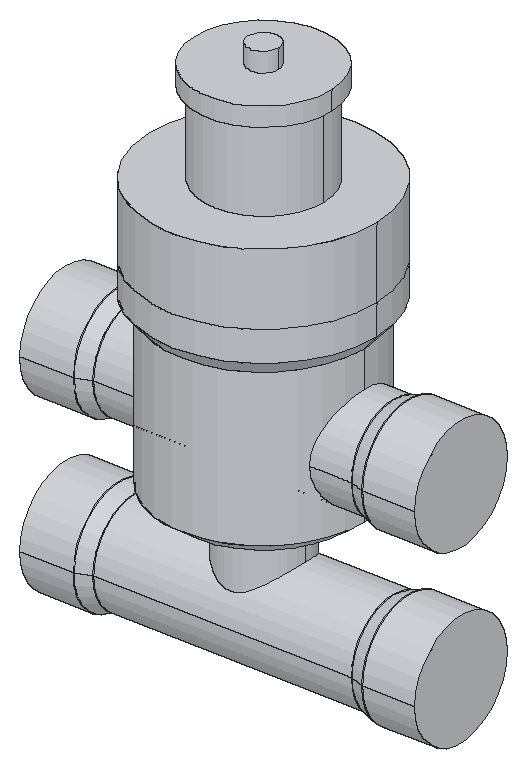
Revit family "VTX10P_DN15_PN16_RFA_2019", category Pipe Accessories, Revit 2019
Family settings
  Round Connector Dimension = Use Diameter
  Part Type = Valve - Breaks Into
  Work Plane-Based = No
  Always vertical = Yes
  Cut with Voids When Loaded = No
  Shared = No
Parameters (values of type "VTX10P G1/2  PN16 kvs0,4")
  magiProductId = ""
  magiProductFamilyId = ""
  magiPartTypeId = 306
  isMeasuringValve [instance] = no
  ang2D [instance] = 0.00°
  Z8 = 4 mm
  Z7__ve = -Z7  # -2.5 mm
  Z7 = 2.5 mm
  Z5 = 9.45 mm
  Z3 = 2 mm
  Z2 = 8.05 mm
  X4__ve = -X4  # -7 mm
  X4 = 7 mm
  X3 = 34 mm
  W2D = 15 mm
  VersionID = ""
  Use Minimum Symbol Size [instance] = yes
  URL = "www.hydronix.cz"
  Type Comments = "Závitový, vnější závit, ploché těsnění; LIN charakteristika; PN16; +5~+95°C; max.rychlost proudění 3,0 m/s"
  R9 = 9 mm
  R8 = 2 mm
  R7 = 15 mm
  R6 = 10.64 mm
  R5 = 6.703 mm
  R4 = 5.586 mm
  R2 = 13.3 mm
  R10 = 8 mm
  R1 = 6.75 mm
  QmdConnectorList = "301;D;302;D"
  Productdata [instance] = ""
  Manufacturer = "Hydronix"
  MC2 = yes
  MC Product Code = "VTX10P (G1/2\"; dpmax=250kPa; kvs 0,4)"
  MC = no
  LT2 = 19 mm
  L2D_Min = 3048 mm
  L2D = 38 mm
  H1 = 20.5 mm
  H = 27 mm
  E = 16 mm
  Description = "3 cestný regulační ventil malých spotřebičů s obtokem, DN15; zdvih 2,5mm; max dp 250kPa; kvs0,4"
  DT2 = 7.5 mm
  D = 15 mm
  CAT0 = yes
  C = 23 mm
Types (8, lengths in mm): name | Z5 | Z2 | X3 | R6 | R5 | R4 | R2 | R1 | MC Product Code | LT2 | H1 | H | Description | DT2 | D | C
  VTX09P G1/2  PN16 kvs0,25 | 9.45 | 8.05 | 34 | 10.64 | 6.703 | 5.586 | 13.3 | 6.75 | "VTX09P (G1/2\"; dpmax=250kPa; kvs 0,25)" | 19 | 20.5 | 27 | "3 cestný regulační ventil malých spotřebičů s obtokem, DN15; zdvih 2,5mm; max dp 250kPa; kvs0,25" | 7.5 | 15 | 23
  VTX10P G1/2  PN16 kvs0,4 | 9.45 | 8.05 | 34 | 10.64 | 6.703 | 5.586 | 13.3 | 6.75 | "VTX10P (G1/2\"; dpmax=250kPa; kvs 0,4)" | 19 | 20.5 | 27 | "3 cestný regulační ventil malých spotřebičů s obtokem, DN15; zdvih 2,5mm; max dp 250kPa; kvs0,4" | 7.5 | 15 | 23
  VTX12P G1/2  PN16 kvs1,0 | 9.45 | 8.05 | 34 | 10.64 | 6.703 | 5.586 | 13.3 | 6.75 | "VTX12P (G1/2\"; dpmax=250kPa; kvs 1,0)" | 19 | 20.5 | 27 | "3 cestný regulační ventil malých spotřebičů s obtokem, DN15; zdvih 2,5mm; max dp 250kPa; kvs1,0" | 7.5 | 15 | 23
  VTX13P G1/2  PN16 kvs1,6 | 9.45 | 8.05 | 34 | 10.64 | 6.703 | 5.586 | 13.3 | 6.75 | "VTX13P (G1/2\"; dpmax=250kPa; kvs 1,6)" | 19 | 20.5 | 27 | "3 cestný regulační ventil malých spotřebičů s obtokem, DN15; zdvih 2,5mm; max dp 250kPa; kvs1,6" | 7.5 | 15 | 23
  VTX21P G3/4  PN16 kvs2,5 | 9.1 | 17.5 | 38 | 11.76 | 7.409 | 6.174 | 14.7 | 9 | "VTX21P (G3/4\"; dpmax=150kPa; kvs 2,5)" | 21 | 37.4 | 26 | "3 cestný regulační ventil malých spotřebičů s obtokem, DN20; zdvih 2,5mm; max dp 150kPa; kvs2,5" | 10 | 20 | 50
  VTX24P G3/4  PN16 kvs4,0 | 9.1 | 17.5 | 38 | 11.76 | 7.409 | 6.174 | 14.7 | 9 | "VTX24P (G3/4\"; dpmax A-AB=100kPa;  dpmax B-AB=40kPa;  kvs 4,0)" | 21 | 37.4 | 26 | "3 cestný regulační ventil malých spotřebičů s obtokem, DN20; zdvih 2,5mm; max dp A-AB 100kPa; max dp B-AB 40kPa; kvs4,0" | 10 | 20 | 50
  VTX26P G3/4  PN16 kvs6,0 | 9.1 | 17.5 | 38 | 11.76 | 7.409 | 6.174 | 14.7 | 9 | "VTX26P (G3/4\"; dpmax A-AB=100kPa;  dpmax B-AB=40kPa; kvs 6,0)" | 21 | 37.4 | 26 | "3 cestný regulační ventil malých spotřebičů s obtokem, DN20; zdvih 2,5mm; max dp A-AB 100kPa; max dp B-AB 40kPa; kvs6,0" | 10 | 20 | 50
  VTX11P G1/2  PN16 kvs0,6 | 9.45 | 8.05 | 34 | 10.64 | 6.703 | 5.586 | 13.3 | 6.75 | "VTX11P (G1/2\"; dpmax=250kPa; kvs 0,6)" | 19 | 20.5 | 27 | "3 cestný regulační ventil malých spotřebičů s obtokem, DN15; zdvih 2,5mm; max dp 250kPa; kvs0,6" | 7.5 | 15 | 23
Reference planes
  plane 1 "Center (Front/Back)": y = 0
  plane 2 "XYPLANE": z = 0
  plane 3 "Center (Left/Right)": x = 0
  plane 4 "271": z = 38
  plane 5 "254": z = 11.55
  plane 6 "253": z = 17.55
  plane 7 "148": z = 40.5
  plane 8 "132": z = 43
  plane 9 "62": z = 13.55
  plane 10 "53": z = 27
  plane 11 "52": z = -8.95
  plane 12 "48": z = -10.95
  plane 13 "47": z = -12.95
  plane 14 "38": z = -21
  plane 15 "37": x = 17
  plane 16 "36": x = 19
  plane 17 "23": z = -23
  plane 18 "19": x = -17
  plane 19 "15": x = -19
  plane 20 "6": x = 26
  plane 21 "5": x = -26
  plane 22 "3": z = 0
  plane 23 "2": y = 0
  plane 24 "1": x = 0
Forms (mm)
  Extrusion 1, solid
    sketch origin (-17, -750, 0) x (0, 1, 0) y (0, 0, 1)
      loop
        circle (750, -23) r 6.75
    from 0 to 34 <- "X3"
  Blend 2, solid
    base sketch origin (19, -750, 0) x (0, 1, 0) y (0, 0, 1)
      loop
        circle (750, -23) r 7.5
    top sketch origin (19, -750, 0) x (0, 1, 0) y (0, 0, 1)
      loop
        circle (750, -23) r 6.75
    from 0 to -2
  Extrusion 3, solid
    sketch origin (26, -750, 0) x (0, 1, 0) y (0, 0, 1)
      loop
        circle (750, -23) r 7.5
    from 0 to -7 <- "X4__ve"
  Extrusion 4, solid
    sketch origin (-26, -750, 0) x (0, 1, 0) y (0, 0, 1)
      loop
        circle (750, -23) r 7.5
    from 0 to 7 <- "X4"
  Blend 5, solid
    base sketch origin (-19, -750, 0) x (0, 1, 0) y (0, 0, 1)
      loop
        circle (750, -23) r 7.5
    top sketch origin (-19, -750, 0) x (0, 1, 0) y (0, 0, 1)
      loop
        circle (750, -23) r 6.75
    from 0 to 2
  Extrusion 6, solid, visible <- "CAT0"
    sketch origin (-750, 0, 43) x (1, 0, 0) y (0, 1, 0)
      loop
        circle (750, 0) r 2
    from 0 to -2.5 <- "Z7__ve"
  Extrusion 7, solid, visible <- "CAT0"
    sketch origin (-750, 0, 38) x (1, 0, 0) y (0, 1, 0)
      loop
        circle (750, 0) r 8
    from 0 to -19
  Extrusion 8, solid, visible <- "CAT0"
    sketch origin (-17, -750, 0) x (0, 1, 0) y (0, 0, 1)
      loop
        circle (750, 0) r 6.75
    from 0 to 34 <- "X3"
  Extrusion 9, solid
    sketch origin (-750, 0, 13.55) x (1, 0, 0) y (0, 1, 0)
      loop
        circle (750, 0) r 15
    from 0 to 4 <- "Z8"
  Extrusion 10, solid
    sketch origin (-750, 0, 40.5) x (1, 0, 0) y (0, 1, 0)
      loop
        circle (750, 0) r 9
    from 0 to -2.5 <- "Z7__ve"
  Extrusion 11, solid
    sketch origin (-750, 0, 17.55) x (1, 0, 0) y (0, 1, 0)
      loop
        circle (750, 0) r 15
    from 0 to 9.45 <- "Z5"
  Blend 12, solid
    base sketch origin (-750, 0, 11.55) x (1, 0, 0) y (0, 1, 0)
      loop
        circle (750, 0) r 13.3
    top sketch origin (-750, 0, 11.55) x (1, 0, 0) y (0, 1, 0)
      loop
        circle (750, 0) r 15
    from 0 to 2
  Blend 13, solid
    base sketch origin (-750, 0, -8.95) x (1, 0, 0) y (0, 1, 0)
      loop
        circle (750, 0) r 13.3
    top sketch origin (-750, 0, -8.95) x (1, 0, 0) y (0, 1, 0)
      loop
        circle (750, 0) r 10.64
    from 0 to -2
  Blend 14, solid
    base sketch origin (-750, 0, -10.95) x (1, 0, 0) y (0, 1, 0)
      loop
        circle (750, 0) r 6.703
    top sketch origin (-750, 0, -10.95) x (1, 0, 0) y (0, 1, 0)
      loop
        circle (750, 0) r 5.586
    from 0 to -2
  Extrusion 15, solid
    sketch origin (-750, 0, -21) x (1, 0, 0) y (0, 1, 0)
      loop
        circle (750, 0) r 5.586
    from 0 to 8.05 <- "Z2"
  Extrusion 16, solid
    sketch origin (26, -750, 0) x (0, 1, 0) y (0, 0, 1)
      loop
        circle (750, 0) r 7.5
    from 0 to -7 <- "X4__ve"
  Blend 17, solid
    base sketch origin (19, -750, 0) x (0, 1, 0) y (0, 0, 1)
      loop
        circle (750, 0) r 7.5
    top sketch origin (19, -750, 0) x (0, 1, 0) y (0, 0, 1)
      loop
        circle (750, 0) r 6.75
    from 0 to -2
  Extrusion 18, solid
    sketch origin (-750, 0, -8.95) x (1, 0, 0) y (0, 1, 0)
      loop
        circle (750, 0) r 13.3
    from 0 to 20.5 <- "H1"
  Blend 19, solid
    base sketch origin (-19, -750, 0) x (0, 1, 0) y (0, 0, 1)
      loop
        circle (750, 0) r 7.5
    top sketch origin (-19, -750, 0) x (0, 1, 0) y (0, 0, 1)
      loop
        circle (750, 0) r 6.75
    from 0 to 2
  Extrusion 20, solid
    sketch origin (-26, -750, 0) x (0, 1, 0) y (0, 0, 1)
      loop
        circle (750, 0) r 7.5
    from 0 to 7 <- "X4"
  Extrusion 21, solid, not visible
    sketch origin (19, -750, 0) x (0, 1, 0) y (0, 0, 1)
      loop
        circle (750, 0) r 10
    from 0 to -10
  Extrusion 22, solid, not visible
    sketch origin (-19, -750, 0) x (0, 1, 0) y (0, 0, 1)
      loop
        circle (750, 0) r 10
    from 0 to 10
Lines and regions (mm)
  reference lines, not visible
    curve 1: circle (2, 2, 0) r 1 normal (0, 0, 1)
Dimensions and locks
  plane 1 "Center (Front/Back)" to curve 1 = 2 mm
  "Z7": plane 7 "148" to plane 4 "271"
  "Z3": plane 9 "62" to plane 5 "254"
  "Z5": plane 10 "53" to plane 6 "253"
  "Z7": plane 8 "132" to plane 7 "148"
  "E": plane 10 "53" to plane 8 "132"
  "Z8": plane 6 "253" to plane 9 "62"
  "H": plane 2 "XYPLANE" to plane 10 "53"
  "Z3": plane 12 "48" to plane 11 "52"
  "Z3": plane 13 "47" to plane 12 "48"
  "Z2": plane 14 "38" to plane 13 "47"
  "Z3": plane 17 "23" to plane 14 "38"
  locked: plane 16 "36" to plane 15 "37" at 2
  "LT2": plane 3 "Center (Left/Right)" to plane 16 "36"
  "C": plane 2 "XYPLANE" to plane 17 "23"
  locked: plane 19 "15" to plane 18 "19" at 2
  "LT2": plane 3 "Center (Left/Right)" to plane 19 "15"
  "X4": plane 16 "36" to plane 20 "6"
  "X4": plane 19 "15" to plane 21 "5"
  locked: plane 2 "XYPLANE" to plane 22 "3"
  locked: plane 1 "Center (Front/Back)" to plane 23 "2"
  locked: plane 3 "Center (Left/Right)" to plane 24 "1"
  "R1": radius of Extrusion 1 sketch curve
  "R1": radius of Blend 2 sketch curve
  "DT2": radius of Blend 2 sketch curve
  "DT2": radius of Extrusion 3 sketch curve
  "DT2": radius of Extrusion 4 sketch curve
  "R1": radius of Blend 5 sketch curve
  "DT2": radius of Blend 5 sketch curve
  "R8": radius of Extrusion 6 sketch curve
  "R10": radius of Extrusion 7 sketch curve
  "R1": radius of Extrusion 8 sketch curve
  "R7": radius of Extrusion 9 sketch curve
  "R9": radius of Extrusion 10 sketch curve
  "R7": radius of Extrusion 11 sketch curve
  "R7": radius of Blend 12 sketch curve
  "R2": radius of Blend 12 sketch curve
  "R6": radius of Blend 13 sketch curve
  "R2": radius of Blend 13 sketch curve
  "R4": radius of Blend 14 sketch curve
  "R5": radius of Blend 14 sketch curve
  "R4": radius of Extrusion 15 sketch curve
  "DT2": radius of Extrusion 16 sketch curve
  "R1": radius of Blend 17 sketch curve
  "DT2": radius of Blend 17 sketch curve
  "R2": radius of Extrusion 18 sketch curve
  "R1": radius of Blend 19 sketch curve
  "DT2": radius of Blend 19 sketch curve
  "DT2": radius of Extrusion 20 sketch curve
  aligned and locked: level to plane 2 "XYPLANE"
  aligned and locked: plane 17 "23" to Extrusion 1 sketch curve
  aligned and locked: Extrusion 1 sketch curve to plane 23 "2"
  aligned and locked: plane 17 "23" to Blend 2 sketch curve  (x2)
  aligned and locked: Blend 2 sketch curve to plane 23 "2"  (x2)
  aligned and locked: Blend 2 to plane 15 "37"
  aligned and locked: plane 17 "23" to Extrusion 3 sketch curve
  aligned and locked: Extrusion 3 sketch curve to plane 23 "2"
  aligned and locked: plane 17 "23" to Extrusion 4 sketch curve
  aligned and locked: Extrusion 4 sketch curve to plane 23 "2"
  aligned and locked: plane 17 "23" to Blend 5 sketch curve  (x2)
  aligned and locked: Blend 5 sketch curve to plane 23 "2"  (x2)
  aligned and locked: plane 18 "19" to Blend 5
  aligned and locked: plane 23 "2" to Extrusion 6 sketch curve
  aligned and locked: plane 24 "1" to Extrusion 6 sketch curve
  aligned and locked: plane 23 "2" to Extrusion 7 sketch curve
  aligned and locked: plane 24 "1" to Extrusion 7 sketch curve
  aligned and locked: plane 22 "3" to Extrusion 8 sketch curve
  aligned and locked: Extrusion 8 sketch curve to plane 23 "2"
  aligned and locked: plane 23 "2" to Extrusion 9 sketch curve
  aligned and locked: plane 24 "1" to Extrusion 9 sketch curve
  aligned and locked: plane 23 "2" to Extrusion 10 sketch curve
  aligned and locked: plane 24 "1" to Extrusion 10 sketch curve
  aligned and locked: plane 23 "2" to Extrusion 11 sketch curve
  aligned and locked: plane 24 "1" to Extrusion 11 sketch curve
  aligned and locked: plane 23 "2" to Blend 12 sketch curve  (x2)
  aligned and locked: plane 24 "1" to Blend 12 sketch curve  (x2)
  aligned and locked: plane 9 "62" to Blend 12
  aligned and locked: plane 23 "2" to Blend 13 sketch curve  (x2)
  aligned and locked: plane 24 "1" to Blend 13 sketch curve  (x2)
  aligned and locked: Blend 13 to plane 12 "48"
  aligned and locked: plane 23 "2" to Blend 14 sketch curve  (x2)
  aligned and locked: plane 24 "1" to Blend 14 sketch curve  (x2)
  aligned and locked: Blend 14 to plane 13 "47"
  aligned and locked: plane 23 "2" to Extrusion 15 sketch curve
  aligned and locked: plane 24 "1" to Extrusion 15 sketch curve
  aligned and locked: plane 22 "3" to Extrusion 16 sketch curve
  aligned and locked: Extrusion 16 sketch curve to plane 23 "2"
  aligned and locked: plane 22 "3" to Blend 17 sketch curve  (x2)
  aligned and locked: Blend 17 sketch curve to plane 23 "2"  (x2)
  aligned and locked: Blend 17 to plane 15 "37"
  aligned and locked: plane 23 "2" to Extrusion 18 sketch curve
  aligned and locked: plane 24 "1" to Extrusion 18 sketch curve
  aligned and locked: plane 22 "3" to Blend 19 sketch curve  (x2)
  aligned and locked: Blend 19 sketch curve to plane 23 "2"  (x2)
  aligned and locked: plane 18 "19" to Blend 19
  aligned and locked: plane 22 "3" to Extrusion 20 sketch curve
  aligned and locked: Extrusion 20 sketch curve to plane 23 "2"
  aligned and locked: plane 22 "3" to Extrusion 21 sketch curve
  aligned and locked: Extrusion 21 sketch curve to plane 23 "2"
  aligned and locked: plane 22 "3" to Extrusion 22 sketch curve
  aligned and locked: Extrusion 22 sketch curve to plane 23 "2"
Automatic sketch dimensions
  plane 1 "Center (Front/Back)" to Extrusion 21 sketch curve = 10 mm
  plane 1 "Center (Front/Back)" to Extrusion 22 sketch curve = 10 mm
  plane 3 "Center (Left/Right)" to curve 1 = 2 mm
  radius of curve 1 = 1 mm
Connectors
  piping at (-19, 0, 0), diameter 15, driven by "D"
    settings: on Extrusion 22, index 1, connector inside diameter 609.6 mm, connector length 0 mm, flow factor 0, pipe flow 0.0 L/s, pressure drop 0.0 Pa, fitting loss kfactor 0, connector angle 0.00°, fixture units 0, engagement length 0 mm, angle of deflection 0.00°, flow configuration 0, flow direction 0, fitting loss method 0, system type 29, joint type 0, gender type 0, connector reference index 2, connector utility 0, adjustable connector no, is connector primary yes, connector description ""
  piping at (19, 0, 0), diameter 15, driven by "D"
    settings: on Extrusion 21, index 2, connector inside diameter 609.6 mm, connector length 0 mm, flow factor 0, pipe flow 0.0 L/s, pressure drop 0.0 Pa, fitting loss kfactor 0, connector angle 0.00°, fixture units 0, engagement length 0 mm, angle of deflection 0.00°, flow configuration 0, flow direction 0, fitting loss method 0, system type 29, joint type 0, gender type 0, connector reference index 1, connector utility 0, adjustable connector no, is connector primary no, connector description ""
